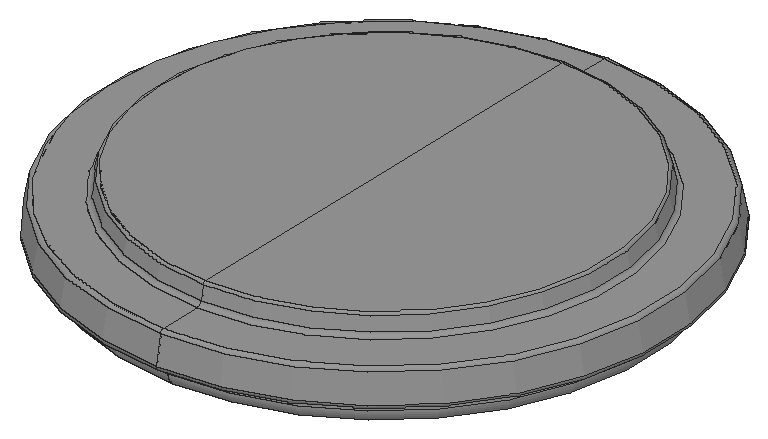
Revit family "FMK12_63_UN_Surface-mounted_ETK", category Lighting Fixtures, Revit 2017 (continued)
Definition of nested family "FMK.1 - Lightsource"
  Parameters (values of type "FMK.1109.10 - Ø250x48 / 12W")
      99.0916\r\n186.1571\t173.2273\t160.3064\t147.3979\t134.5054\t133.8004\t26.4433\t0\t0\t0\r\n0\t0\t0\t0\t0\t0\r\n405.3384\t404.7985\t404.2731\t402.9746\t400.9294\t398.9778\t395.1912\t391.2006\t387.1764\t383.1518\r\n379.3503\t373.2478\t366.6736\t360.0872\t353.4808\t347.1016\t338.8269\t329.9717\t321.1259\t312.2733\r\n303.6511\t293.3438\t282.42\t271.4857\t260.561\t249.8768\t237.5346\t224.5982\t211.6601\t198.736\r\n185.8092\t172.8976\t159.9952\t147.0924\t134.208\t131.9549\t19.0178\t0\t0\t0\r\n0\t0\t0\t0\t0\t0\r\n405.3384\t404.775\t404.2417\t402.941\t400.8877\t398.9141\t395.0686\t391.0953\t387.0939\t383.0703\r\n379.2465\t373.03\t366.4888\t359.9216\t353.3431\t346.971\t338.5451\t329.7328\t320.92\t312.0934\r\n303.4848\t293.0109\t282.1221\t271.2145\t260.3152\t249.6258\t237.1217\t224.202\t211.2903\t198.3835\r\n185.4706\t172.5647\t159.66\t146.7717\t133.8799\t129.6163\t13.1927\t0\t0\t0\r\n0\t0\t0\t0\t0\t0\r\n405.3384\t404.7527\t404.2068\t402.9019\t400.8767\t398.8558\t394.9637\t390.9782\t387.0011\t382.9988\r\n379.1382\t372.8305\t366.3205\t359.7944\t353.2392\t346.8416\t338.2971\t329.4929\t320.6819\t311.8859\r\n303.2565\t292.6827\t281.8284\t270.9715\t260.0963\t249.3876\t236.7404\t223.8309\t210.924\t198.0301\r\n185.1227\t172.2345\t159.3412\t146.4511\t133.5636\t127.1408\t8.7076\t0\t0\t0\r\n0\t0\t0\t0\t0\t0\r\n405.3384\t404.7317\t404.1685\t402.8573\t400.8341\t398.8203\t394.8729\t390.882\t386.8997\t382.9031\r\n379.0139\t372.6472\t366.1376\t359.6334\t353.1356\t346.7285\t338.0975\t329.2976\t320.4978\t311.7082\r\n303.0442\t292.3608\t281.5086\t270.6653\t259.8241\t249.1051\t236.3739\t223.483\t210.5936\t197.696\r\n184.8022\t171.9214\t159.0318\t146.1423\t133.2543\t124.7431\t5.3342\t0\t0\t0\r\n0\t0\t0\t0\t0\t0\r\n405.3384\t404.7118\t404.0854\t402.8071\t400.7827\t398.7607\t394.8082\t390.8197\t386.8117\t382.8145\r\n378.8745\t372.4566\t365.9558\t359.4647\t352.9636\t346.5217\t337.8337\t329.0692\t320.2987\t311.5096\r\n302.8013\t292.0593\t281.2296\t270.4093\t259.5758\t248.8064\t236.0021\t223.1017\t210.2133\t197.3263\r\n184.4407\t171.5452\t158.6583\t145.7732\t132.8917\t122.5723\t2.8944\t0\t0\t0\r\n0\t0\t0\t0\t0\t0\r\n405.3384\t404.6932\t404.0473\t402.7226\t400.7224\t398.6915\t394.7212\t390.7363\t386.7361\t382.7442\r\n378.7775\t372.3101\t365.7992\t359.3066\t352.8016\t346.3302\t337.6023\t328.8394\t320.0728\t311.2958\r\n302.561\t291.776\t280.951\t270.126\t259.3004\t248.5209\t235.6594\t222.7723\t209.8851\t196.9978\r\n184.1099\t171.2248\t158.3346\t145.4546\t132.5648\t120.8445\t1.2522\t0\t0\t0\r\n0\t0\t0\t0\t0\t0\r\n405.3384\t404.6757\t404.0125\t402.6704\t400.6365\t398.604\t394.6163\t390.6263\t386.6347\t382.642\r\n378.653\t372.1631\t365.664\t359.1642\t352.6514\t346.1579\t337.4057\t328.6338\t319.8737\t311.0997\r\n302.337\t291.5239\t280.7001\t269.8776\t259.0436\t248.2362\t235.3595\t222.4683\t209.58\t196.6886\r\n183.7994\t170.9097\t158.0181\t145.1276\t132.2357\t119.6415\t0.3076\t0\t0\t0\r\n0\t0\t0\t0\t0\t0\r\n405.3384\t404.6596\t403.9806\t402.6229\t400.5746\t398.5262\t394.5231\t390.5201\t386.5171\t382.514\r\n378.4993\t372.003\t365.4952\t358.999\t352.4911\t345.9949\t337.2046\t328.4142\t319.6239\t310.8453\r\n302.055\t291.2397\t280.4128\t269.5975\t258.7705\t247.9552\t235.0564\t222.1578\t209.2708\t196.372\r\n183.485\t170.5863\t157.6875\t144.8005\t131.9018\t119.0148\t0\t0\t0\t0\r\n0\t0\t0\t0\t0\t0\r\n405.3384\t404.6446\t403.952\t402.5799\t400.516\t398.4496\t394.4362\t390.4167\t386.393\t382.3765\r\n378.3639\t371.8594\t365.3463\t358.8345\t352.3221\t345.8186\t337.0218\t328.2282\t319.4233\t310.6293\r\n301.8361\t291.0019\t280.1697\t269.3256\t258.4827\t247.6533\t234.7581\t221.854\t208.9473\t196.0427\r\n183.1396\t170.2368\t157.3331\t144.4306\t131.5295\t118.923\t0.3058\t0\t0\t0\r\n0\t0\t0\t0\t0\t0\r\n405.3384\t404.6311\t403.9266\t402.5417\t400.4513\t398.3517\t394.3448\t390.3139\t386.2918\t382.2534\r\n378.238\t371.7358\t365.2058\t358.6709\t352.1332\t345.6284\t336.8455\t328.0252\t319.2071\t310.3886\r\n301.6022\t290.7741\t279.9105\t269.0599\t258.1993\t247.3735\t234.4901\t221.5727\t208.655\t195.7516\r\n182.8364\t169.9224\t157.0186\t144.1096\t131.2095\t119.4546\t1.2376\t0\t0\t0\r\n0\t0\t0\t0\t0\t0\r\n405.3384\t404.6189\t403.9044\t402.5099\t400.4048\t398.3042\t394.3046\t390.2607\t386.2346\t382.1535\r\n378.1197\t371.6271\t365.0667\t358.4953\t351.9348\t345.4342\t336.6778\t327.8251\t318.988\t310.1383\r\n301.3588\t290.557\t279.6705\t268.7827\t257.8964\t247.0828\t234.2295\t221.3067\t208.3745\t195.4454\r\n182.519\t169.6057\t156.6841\t143.7663\t130.8565\t120.461\t2.8438\t0\t0\t0\r\n0\t0\t0\t0\t0\t0\r\n405.3384\t404.608\t403.906\t402.4809\t400.3686\t398.2825\t394.3364\t390.2509\t386.1403\t382.0139\r\n377.9719\t371.5145\t364.9316\t358.3331\t351.741\t345.2569\t336.5322\t327.65\t318.7717\t309.893\r\n301.122\t290.3538\t279.4296\t268.5063\t257.6005\t246.812\t234.0133\t221.0577\t208.1226\t195.1708\r\n182.233\t169.2892\t156.3621\t143.428\t130.5101\t121.8491\t5.2081\t0\t0\t0\r\n0\t0\t0\t0\t0\t0\r\n405.3384\t404.5983\t403.8876\t402.4562\t400.3424\t398.3285\t394.312\t390.1748\t386.0001\t381.8499\r\n377.8465\t371.4423\t364.8155\t358.179\t351.5314\t345.0554\t336.4015\t327.4708\t318.5324\t309.5879\r\n300.8096\t290.1067\t279.1611\t268.2305\t257.289\t246.5037\t233.7899\t220.8066\t207.8411\t194.873\r\n181.9286\t168.9735\t156.0235\t143.0925\t130.1555\t123.4873\t8.4517\t0\t0\t0\r\n0\t0\t0\t0\t0\t0\r\n405.3384\t404.5901\t403.8694\t402.4354\t400.3632\t398.2964\t394.2634\t390.0534\t385.8948\t381.7277\r\n377.7335\t371.3662\t364.6894\t358.0074\t351.3178\t344.8397\t336.2562\t327.2573\t318.2671\t309.292\r\n300.5434\t289.9663\t278.9733\t267.9846\t257.0011\t246.2424\t233.6423\t220.6376\t207.6416\t194.6527\r\n181.66\t168.6794\t155.7053\t142.752\t129.7991\t125.1546\t12.7273\t0\t0\t0\r\n0\t0\t0\t0\t0\t0\r\n405.3384\t404.5832\t403.8511\t402.4184\t400.3294\t398.2373\t394.1753\t389.9932\t385.8207\t381.5858\r\n377.5585\t371.29\t364.5766\t357.8427\t351.0774\t344.5671\t336.1252\t327.126\t318.0989\t309.0717\r\n300.2725\t289.8361\t278.7856\t267.7468\t256.7121\t245.9428\t233.5014\t220.4496\t207.42\t194.3931\r\n181.3835\t168.3751\t155.3885\t142.4223\t129.4696\t126.6674\t18.2327\t0\t0\t0\r\n0\t0\t0\t0\t0\t0\r\n405.3384\t404.6161\t403.833\t402.4338\t400.2812\t398.117\t394.1504\t389.9734\t385.7276\t381.4258\r\n377.3816\t371.2392\t364.4718\t357.6674\t350.8628\t344.3271\t336.3727\t327.0146\t317.9224\t308.8102\r\n299.6801\t289.9237\t278.5829\t267.4993\t256.4203\t245.3261\t233.5789\t220.2411\t207.1712\t194.1138\r\n181.0807\t168.0584\t155.0612\t142.0858\t129.1328\t127.7426\t25.2025\t0\t0\t0\r\n0\t0\t0\t0\t0\t0\r\n405.3384\t404.6105\t403.8147\t402.4101\t400.2194\t398.0503\t394.1642\t389.934\t385.6217\t381.2896\r\n377.1953\t371.2003\t364.3795\t357.5497\t350.6777\t343.7901\t336.3331\t326.9098\t317.7336\t308.5378\r\n299.3341\t289.7717\t278.414\t267.2406\t256.0784\t244.9306\t233.4048\t220.0844\t206.987\t193.9063\r\n180.8452\t167.8011\t154.7799\t141.7801\t128.7982\t128.0121\t33.8934\t0\t0\t0\r\n0\t0\t0\t0\t0\t0\r\n405.3384\t404.605\t403.7961\t402.3797\t400.115\t397.9929\t394.1749\t389.882\t385.5568\t381.1715\r\n376.6631\t371.4951\t364.3355\t357.4079\t350.4678\t343.5064\t336.2424\t326.8117\t317.5627\t308.2892\r\n298.9902\t289.5725\t278.2428\t267.0234\t255.8103\t244.5868\t233.2271\t219.9634\t206.8227\t193.6957\r\n180.6021\t167.5443\t154.4957\t141.4702\t128.4705\t115.505\t70.026\t0\t0\t0\r\n0\t0\t0\t0\t0\t0\r\n405.3384\t404.5994\t403.7772\t402.343\t400.0582\t397.9547\t394.1952\t389.8748\t385.5291\t380.979\r\n376.4372\t371.47\t364.2569\t357.2705\t350.2636\t343.2284\t336.1012\t326.741\t317.3967\t308.0368\r\n298.6712\t289.3725\t278.1474\t266.8135\t255.5191\t244.2436\t233.0342\t219.8906\t206.6977\t193.5207\r\n180.3828\t167.2783\t154.2217\t141.1824\t128.1722\t115.1956\t80.4414\t0\t0\t0\r\n0\t0\t0\t0\t0\t0\r\n405.3384\t404.594\t403.7665\t402.3007\t400.0104\t397.8946\t394.467\t389.9452\t385.4255\t380.805\r\n376.2179\t371.3573\t364.2027\t357.1507\t350.0679\t342.9438\t335.905\t326.68\t317.25\t307.8176\r\n298.3724\t289.0673\t278.0222\t266.6515\t255.3003\t243.9401\t232.7582\t219.8133\t206.5867\t193.3789\r\n180.2056\t167.0687\t153.966\t140.8994\t127.8726\t114.8827\t90.1164\t0\t0\t0\r\n0\t0\t0\t0\t0\t0\r\n405.3384\t404.5889\t403.7442\t402.2253\t399.9717\t397.8259\t394.5256\t389.9394\t385.2649\t380.6538\r\n375.9641\t371.2248\t364.1789\t357.067\t349.8977\t342.6677\t335.6288\t326.6532\t317.1531\t307.6244\r\n298.0542\t288.478\t278.2469\t266.5399\t255.0597\t243.6182\t232.4332\t219.7955\t206.4902\t193.2133\r\n180.0012\t166.821\t153.6857\t140.5957\t127.5588\t114.5661\t98.6146\t0\t0\t0\r\n0\t0\t0\t0\t0\t0\r\n405.3384\t404.5838\t403.7204\t402.1836\t399.9493\t397.495\t394.6576\t389.8387\t385.1686\t380.5014\r\n375.729\t371.0605\t364.1878\t357.0066\t349.7365\t342.3831\t334.9798\t326.9611\t317.1042\t307.4527\r\n297.7974\t288.1146\t278.1369\t266.4125\t254.8729\t243.3316\t231.7822\t219.9393\t206.403\t193.0914\r\n179.8299\t166.6203\t153.466\t140.3518\t127.2713\t114.2585\t105.3682\t0\t0\t0\r\n0\t0\t0\t0\t0\t0\r\n405.3384\t404.579\t403.6953\t402.1453\t400.0044\t397.4328\t394.6846\t389.7831\t385.1052\t380.3588\r\n375.5172\t370.8454\t364.2472\t356.9647\t349.5864\t342.1389\t334.6459\t326.9338\t317.0698\t307.3364\r\n297.5463\t287.7394\t277.9639\t266.3589\t254.7041\t243.037\t231.404\t219.803\t206.3799\t193.0247\r\n179.6747\t166.415\t153.2216\t140.0873\t127.0126\t113.9921\t109.8199\t9.0426\t0\t0\r\n0\t0\t0\t0\t0\t0\r\n405.3384\t404.5744\t403.6691\t402.1103\t399.9781\t397.3776\t394.6495\t389.7577\t385.0555\t380.2439\r\n375.3168\t370.2787\t364.5973\t356.9471\t349.4699\t341.9308\t334.3338\t326.7694\t317.1018\t307.2337\r\n297.342\t287.4211\t277.6928\t266.3301\t254.5511\t242.8085\t231.0731\t219.5536\t206.3499\t192.9347\r\n179.5687\t166.2649\t153.016\t139.8234\t126.726\t113.6905\t111.2803\t21.7073\t0\t0\r\n0\t0\t0\t0\t0\t0\r\n405.3384\t404.57\t403.6421\t402.0785\t399.9533\t397.3665\t394.4977\t389.7642\t385.0355\t380.1533\r\n375.1312\t370.0104\t364.5699\t356.9602\t349.3932\t341.7532\t334.0283\t326.4707\t317.1654\t307.1994\r\n297.1718\t287.133\t277.0299\t266.5617\t254.4718\t242.5962\t230.7316\t218.9364\t206.6337\t192.9105\r\n179.4434\t166.087\t152.7988\t139.6068\t126.4833\t113.4569\t100.4945\t60.079\t0\t0\r\n0\t0\t0\t0\t0\t0\r\n405.3384\t404.5661\t403.6144\t402.0512\t399.9354\t397.2997\t394.4018\t389.8025\t385.0322\t380.0745\r\n374.9814\t369.7443\t364.4545\t357.0142\t349.3678\t341.6146\t333.7412\t325.8005\t317.4989\t307.1996\r\n297.0754\t286.8649\t276.6591\t266.3928\t254.4188\t242.4545\t230.4861\t218.5355\t206.5242\t192.8964\r\n179.3794\t165.9637\t152.639\t139.4008\t126.2545\t113.2052\t100.2394\t75.4175\t0\t0\r\n0\t0\t0\t0\t0\t0\r\n405.3384\t404.5625\t403.5863\t402.0218\t399.9104\t397.2171\t394.3045\t389.8927\t385.0511\t380.0149\r\n374.8455\t369.4904\t364.2419\t357.1219\t349.384\t341.4901\t333.5186\t325.4314\t317.3612\t307.2899\r\n297.0022\t286.6805\t276.276\t266.1102\t254.4772\t242.3425\t230.2194\t218.174\t206.3008\t192.9174\r\n179.3579\t165.8762\t152.4972\t139.2127\t126.0328\t112.9621\t100.0093\t87.0551\t0\t0\r\n0\t0\t0\t0\t0\t0\r\n405.3384\t404.5593\t403.5488\t401.9935\t399.8835\t397.1246\t394.2037\t390.2303\t385.0913\t379.9896\r\n374.7291\t369.2488\t363.6276\t357.5035\t349.4258\t341.4412\t333.3238\t325.0865\t317.0691\t307.6993\r\n297.0161\t286.5013\t276.02\t265.4718\t254.6844\t242.2835\t230.06\t217.8462\t205.7159\t193.2069\r\n179.3627\t165.7938\t152.3453\t139.0419\t125.8422\t112.7623\t99.7796\t94.113\t0.6105\t0\r\n0\t0\t0\t0\t0\t0\r\n405.3384\t404.5567\t403.4347\t401.9663\t399.8542\t396.9916\t393.8623\t390.3025\t385.1493\t379.9968\r\n374.6293\t369.0482\t363.3058\t357.4798\t349.5307\t341.4245\t333.1708\t324.8183\t316.3472\t307.7332\r\n297.0531\t286.4824\t275.7917\t265.0603\t254.4821\t242.3206\t229.9441\t217.6132\t205.3254\t193.1091\r\n179.3748\t165.764\t152.2793\t138.8941\t125.6464\t112.5384\t99.5694\t86.7243\t14.0692\t0\r\n0\t0\t0\t0\t0\t0\r\n405.3384\t404.5544\t403.4109\t401.9397\t399.8279\t396.9235\t393.766\t390.3402\t385.2395\t380.0227\r\n374.5426\t368.8806\t363.0291\t357.2464\t350.0081\t341.4712\t333.0914\t324.5758\t315.9704\t307.4474\r\n297.2703\t286.4865\t275.6403\t264.756\t253.843\t242.607\t229.9008\t217.4057\t204.9789\t192.7969\r\n179.4987\t165.7588\t152.175\t138.7541\t125.4881\t112.3504\t99.3709\t86.5437\t51.9517\t0\r\n0\t0\t0\t0\t0\t0\r\n405.3384\t404.5528\t403.3896\t401.9136\t399.7913\t396.957\t393.6984\t390.3419\t385.3606\t380.0818\r\n374.5\t368.7496\t362.7919\t356.6028\t350.0626\t341.5854\t333.0658\t324.4216\t315.6059\t306.7421\r\n297.6344\t286.5955\t275.5812\t264.5172\t253.4454\t242.4387\t229.9497\t217.306\t204.7451\t192.2166\r\n179.6744\t165.7968\t152.1564\t138.646\t125.329\t112.1759\t99.1985\t86.3772\t68.9502\t0\r\n0\t0\t0\t0\t0\t0\r\n405.3384\t404.5516\t403.3711\t401.8875\t399.7527\t396.9277\t393.6298\t390.2999\t385.7547\t380.1611\r\n374.5012\t368.6583\t362.5687\t356.2748\t349.9304\t341.7568\t333.1054\t324.2991\t315.3601\t306.3451\r\n297.4021\t286.7961\t275.6181\t264.4085\t253.1166\t241.8373\t230.2463\t217.3133\t204.529\t191.8469\r\n179.4606\t165.8616\t152.1382\t138.5889\t125.1903\t112.0098\t99.0178\t86.2149\t79.0059\t0\r\n0\t0\t0\t0\t0\t0\r\n405.3384\t404.5303\t403.3553\t401.8645\t399.7131\t396.9209\t393.5723\t390.1989\t385.8711\t380.2535\r\n374.5458\t368.6079\t362.4015\t355.9658\t349.3036\t342.1689\t333.2403\t324.278\t315.2144\t305.9895\r\n296.6392\t287.1356\t275.8011\t264.3885\t252.9357\t241.4441\t230.1178\t217.3521\t204.4354\t191.5936\r\n178.8542\t166.1287\t152.1585\t138.5008\t125.0791\t111.8622\t98.8722\t86.0895\t73.5113\t5.8064\r\n0\t0\t0\t0\t0\t0\r\n405.3384\t404.5303\t403.3424\t401.8359\t399.6738\t396.904\t393.5271\t389.8272\t385.9412\t380.4009\r\n374.6452\t368.602\t362.2897\t355.7113\t348.9026\t342.0438\t333.4533\t324.356\t315.1404\t305.736\r\n296.21\t286.8176\t276.3248\t264.5084\t252.8679\t241.1993\t229.4494\t217.6364\t204.4484\t191.4377\r\n178.5308\t165.8585\t152.2347\t138.4866\t125.0067\t111.7492\t98.7341\t85.9681\t73.4427\t41.0177\r\n0\t0\t0\t0\t0\t0\r\n405.3384\t404.5314\t403.3323\t401.8066\t399.6355\t396.8882\t393.4998\t389.7256\t385.9264\t380.8323\r\n374.7825\t368.6476\t362.2247\t355.5179\t348.5777\t341.3716\t333.8428\t324.5619\t315.1649\t305.6139\r\n295.8944\t286.068\t276.276\t264.795\t252.9611\t241.028\t229.1012\t217.1796\t204.5856\t191.3702\r\n178.2755\t165.3108\t152.4401\t138.5329\t124.9629\t111.6537\t98.6364\t85.8681\t73.3923\t59.4422\r\n0\t0\t0\t0\t0\t0\r\n405.3384\t404.5334\t403.3254\t401.7768\t399.5834\t396.8724\t393.5563\t389.6813\t385.8296\t380.9686\r\n374.9634\t368.7467\t362.223\t355.3988\t348.3247\t340.9663\t333.6105\t325.0909\t315.3013\t305.5958\r\n295.7167\t285.6879\t275.5196\t265.2641\t253.1643\t241.0284\t228.9013\t216.7619\t204.7197\t191.4431\r\n178.1426\t165.025\t152.054\t138.6238\t124.949\t111.5808\t98.5317\t85.7999\t73.3521\t67.4468\r\n0\t0\t0\t0\t0\t0\r\n405.3384\t404.5367\t403.3213\t401.747\t399.553\t396.8551\t393.5253\t389.642\t385.4196\t381.0143\r\n375.4341\t368.8936\t362.2811\t355.3633\t348.149\t340.6463\t332.8952\t325.0567\t315.6054\t305.7209\r\n295.6694\t285.4283\t275.0861\t264.6206\t253.7214\t241.2356\t228.8857\t216.5051\t204.1542\t191.7482\r\n178.1912\t164.8347\t151.6841\t138.7372\t124.9638\t111.5467\t98.4431\t85.7156\t73.3308\t61.2799\r\n6.6224\t0\t0\t0\t0\t0\r\n405.3384\t404.541\t403.3206\t401.7173\t399.5263\t396.8348\t393.4891\t389.6228\t385.3035\t380.9705\r\n375.6064\t369.1065\t362.3871\t355.4019\t348.059\t340.4189\t332.5297\t324.353\t315.9992\t306.0013\r\n295.7691\t285.3359\t274.8118\t264.0762\t253.4617\t241.8475\t229.0559\t216.4579\t203.8582\t191.3277\r\n178.4886\t164.7975\t151.4218\t138.2923\t125.0643\t111.5119\t98.3871\t85.6566\t73.3292\t61.3845\r\n41.3401\t0\t0\t0\t0\t0\r\n405.3384\t404.7046\t403.3351\t401.6085\t399.5025\t396.8106\t393.4101\t389.6964\t385.2267\t380.5909\r\n375.6608\t369.6146\t362.5887\t355.5216\t348.0628\t340.3035\t332.2796\t323.9612\t315.3815\t306.4951\r\n296.0045\t285.4293\t274.6916\t263.7186\t252.6951\t241.7657\t229.4357\t216.6186\t203.7814\t190.9543\r\n178.3774\t164.9054\t151.3423\t137.993\t125.0188\t111.5486\t98.3549\t85.6161\t73.3518\t61.5005\r\n54.5145\t0\t0\t0\t0\t0\r\n405.3384\t404.7094\t403.3409\t401.5892\t399.4806\t396.7853\t393.3861\t389.647\t385.1911\t380.4752\r\n375.5799\t369.7733\t362.8838\t355.7241\t348.1677\t340.311\t332.135\t323.6844\t314.9275\t305.9445\r\n296.5192\t285.7241\t274.7325\t263.6059\t252.3232\t240.938\t229.682\t217.0354\t203.8964\t190.8667\r\n177.8483\t165.1045\t151.4128\t137.8197\t124.5862\t111.6542\t98.3596\t85.6026\t73.3081\t61.567\r\n50.2719\t0\t0\t0\t0\t0\r\n405.3384\t404.7141\t403.3495\t401.5769\t399.4597\t396.7589\t393.3787\t389.6141\t385.2819\t380.3954\r\n375.1982\t369.7519\t363.3915\t356.0194\t348.3778\t340.4279\t332.1175\t323.54\t314.6307\t305.4612\r\n295.9656\t286.2757\t275.0119\t263.7288\t252.2133\t240.5678\t228.8725\t217.2219\t204.3601\t191.0024\r\n177.7549\t164.5951\t151.6169\t137.856\t124.3917\t111.3335\t98.3751\t85.5165\t73.2932\t61.597\r\n50.4839\t26.8985\t0\t0\t0\t0\r\n405.3384\t404.7188\t403.3611\t401.5899\t399.4393\t396.7318\t393.3783\t389.5778\t385.2799\t380.4048\r\n375.1029\t369.354\t363.4329\t356.5509\t348.7107\t340.6772\t332.2579\t323.5399\t314.5046\t305.1188\r\n295.5188\t285.63\t275.5222\t264.0384\t252.342\t240.479\t228.5121\t216.4262\t204.4988\t191.6613\r\n177.9175\t164.4704\t151.1862\t138.14\t124.3921\t111.0641\t98.3014\t85.4755\t73.1886\t61.5768\r\n50.6169\t43.8035\t0\t0\t0\t0\r\n405.3384\t404.7234\t403.3758\t401.5932\t399.3558\t396.7043\t393.383\t389.5381\t385.271\t380.3873\r\n375.0389\t369.2482\t363.0412\t356.6073\t349.2775\t341.0511\t332.5546\t323.7019\t314.5615\t305.0088\r\n295.2657\t285.1407\t274.8439\t264.3864\t252.9603\t240.7003\t228.4626\t216.1193\t203.7058\t191.2839\r\n178.5866\t164.7027\t151.1153\t137.7422\t124.6359\t111.0334\t97.9491\t85.3922\t73.0802\t61.4885\r\n50.6435\t40.5048\t0\t0\t0\t0\r\n405.3384\t404.7278\t403.3938\t401.6032\t399.3484\t396.6726\t393.3886\t389.4997\t385.2549\t380.3738\r\n375.1114\t369.2206\t362.9224\t356.2011\t349.3184\t341.6044\t333.2293\t324.0355\t314.7893\t305.1249\r\n295.2219\t284.9551\t274.4342\t263.6396\t252.6034\t241.2841\t228.7342\t216.1549\t203.4536\t190.7548\r\n178.0519\t165.358\t151.3808\t137.7373\t124.3116\t111.2524\t97.8365\t85.0967\t72.89\t61.3103\r\n50.5893\t40.6649\t9.0488\t0\t0\t0\r\n405.3384\t404.7319\t403.4151\t401.6204\t399.3511\t396.567\t393.4076\t389.4614\t385.2324\t380.3628\r\n375.0971\t369
